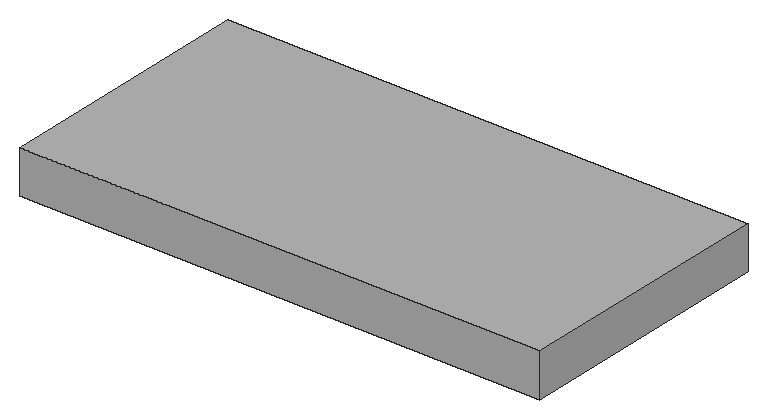
Revit family "Echo Eliminator Bass Buster - Ceiling and Wall Panels", category Specialty Equipment, Revit 2023
Family settings
  Round Connector Dimension = Use Diameter
  Part Type = Normal
  OmniClass Number = 23.35.00.00
  OmniClass Title = Covering, Cladding, and Finishes
  Work Plane-Based = Yes
  Enable Cutting in Views = Yes
  Always vertical = No
  Cut with Voids When Loaded = No
  Maintain Annotation Orientation = No
  Shared = No
  Room Calculation Point = No
Parameters (values of type "4 INCH THICK - 24x48 - Charcoal")
  URL = "https://www.acousticalsurfaces.com/echo-eliminator/bass-buster/"
  Recycled Content Percentage = "0%"
  Material = "Echo Eliminator - Bass Buster"
  Manufacturer = "Acoustical Surfaces, Inc."
  Fire Rating = "ASTM E84 - Class A"
  Finish = Paint - Acoustical-Surfaces - Echo Eliminator - Charcoal
  Width = 2' - 0"
  Length = 4' - 0"
  Default Elevation = 4' - 0"
  Acoustics - NRC = "Sound absorption varies from NRC 0.45 to 0.95 based on installation method used when tested per ASTM C423."
  A = 0' - 0"
Reference planes (in)
  plane 1 "Center (Front/Back)": y = 0
  plane 2: z = 0
  plane 3 "Center (Left/Right)": x = 0
  plane 4: x = -24
  plane 5: x = 24
  plane 6: y = 12
  plane 7: y = -12
  plane 8: z = 4
Dimensions and locks (in)
  "A": nested 1 to level
  equal spacing: plane 7, plane 1 "Center (Front/Back)", plane 6
  "Width": plane 7 to plane 6
  equal spacing: plane 4, plane 3 "Center (Left/Right)", plane 5
  "Length": plane 4 to plane 5
  locked: plane 8 to level at 4
  aligned and locked: level to plane 2
Nested families (in)
  nested 1: "Square" at (0, 0, 0), type "Square"
    with Thickness 0' - 4"
Definition of nested family "Square"
  Parameters (values of type "Square")
    Thickness = 0' - 1"
    Material = none
    Default Elevation = 0' - 0"
    B = 2' - 0"
    A = 4' - 0"
  Reference planes (in)
    plane 1 "Center (Front/Back)": y = 0
    plane 2: z = 0
    plane 3 "Center (Left/Right)": x = 0
    plane 4: x = -24
    plane 5: x = 24
    plane 6: y = 12
    plane 7: y = -12
    plane 8: z = 1
  Forms (in)
    Extrusion 1, solid, material <- "Material"
      sketch origin (0, 0, 0) x (1, 0, 0) y (0, 1, 0)
        loop
          line (24, 12) -> (-24, 12) -> (-24, -12) -> (24, -12) -> (24, 12)
      from 0 to 1
  Dimensions and locks (in)
    equal spacing: plane 4, plane 3 "Center (Left/Right)", plane 5
    equal spacing: plane 7, plane 1 "Center (Front/Back)", plane 6
    "B": plane 7 to plane 6
    "A": plane 4 to plane 5
    "Thickness": plane 8 to level
    aligned and locked: level to plane 2
    aligned and locked: Extrusion 1 sketch curve to plane 4
    aligned and locked: plane 5 to Extrusion 1 sketch curve
    aligned and locked: Extrusion 1 sketch curve to plane 6
    aligned and locked: Extrusion 1 sketch curve to plane 7
    aligned and locked: Extrusion 1 to plane 8
